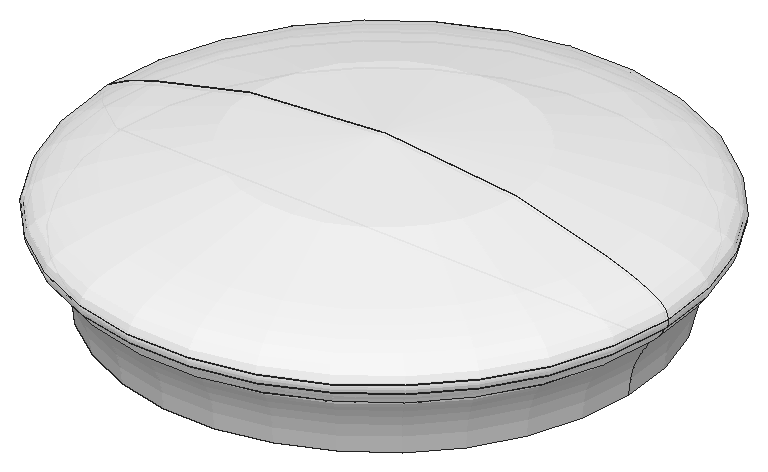
Revit family "0043410", category Lighting Devices, host Face, Revit 2023 (continued)
Definition of nested family "0043410_4000K_34W_lightsource"
  Dimensions and locks
    aligned and locked: plane 2 to Extrusion 1
    aligned and locked: level to Extrusion 1
